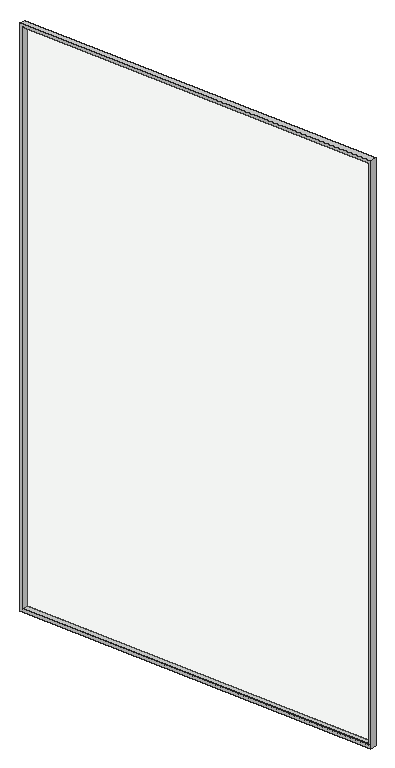
Revit family "Panel_Framed", category Curtain Panels, Revit 2024
Family settings
  OmniClass Number = 23.25.20.14.11.11.17
  OmniClass Title = Infill Panels
  Always vertical = Yes
  Cut with Voids When Loaded = No
  Shared = No
Parameters (values of type "Default")
  Width [instance] = 1600 mm
  Panel Thickness = 20 mm
  Offset = 0 mm
  Material Panel = _Default - Glass - Exterior Transparent
  Material Frame = _Default
  Height [instance] = 2400 mm
  Frame Thickness = 12 mm
  Frame Depth = 25 mm
  EA_Repath [instance] = 0 mm
  Define Thermal Properties by = Schematic Type
  Analytic Construction = "<None>"
Reference planes
  plane 1 "Front": y = 0
  plane 2: z = 0
  plane 3 "Center (Left/Right)": x = 0
  plane 4 "Left": x = -800
  plane 5 "Right": x = 800
  plane 6 "Top": z = 2400
  plane 7: y = 0
Text (mm)
  text "Exterior" at (-1379.057, 797.241, 0), in view "Ref. Level"
  text "Exterior" at (12192, 1055.114, 2275.943), in view "Right"
  text "Exterior" at (-6096, 1468.734, 2687.031), in view "Left"
Dimensions and locks
  equal spacing: plane 4 "Left", plane 3 "Center (Left/Right)", plane 5 "Right"
  "Height": plane 2 to plane 6 "Top"
  "Width": plane 4 "Left" to plane 5 "Right"
  "Offset": plane 7 to plane 1 "Front"
  aligned and locked: level to plane 2
  aligned and locked: plane 3 "Center (Left/Right)" to nested 1
  aligned and locked: nested 1 to plane 2
  aligned and locked: plane 7 to nested 1
Nested families
  nested 1: "CW Panel Assembled with Frame" at (0, 0, 0), Overall Width <- "Width", Overall Height <- "Height", type "Default"
    with Panel Width 1576 mm, Panel Height 2376 mm, Overall Width 1600 mm, Overall Height 2400 mm, Frame Thickness 12 mm, Panel Thickness 20 mm, Frame Depth 25 mm
Definition of nested family "CW Panel Assembled with Frame"
  Parameters
    Panel Width [instance] = Overall Width - (2 * Frame Thickness)  # 584.2 mm
    Panel Material = none
    Panel Height [instance] = Overall Height - (2 * Frame Thickness)  # 584.2 mm
    Overall Width [instance] = 609.6 mm
    Frame Material = none
    Overall Height [instance] = 609.6 mm
    Frame Thickness = 12.7 mm
    Panel Thickness = 19.05 mm
    Frame Depth = 25.4 mm
    Default Elevation = 0 mm
  Reference planes
    plane 1 "Center (Front/Back)": y = 0
    plane 2: z = 0
    plane 3 "Center (Left/Right)": x = 0
    plane 4: z = 609.6
    plane 5: x = -304.8
    plane 6: x = 304.8
    plane 7: x = -292.1
    plane 8: z = 596.9
    plane 9: x = 292.1
    plane 10: y = 9.525
    plane 11: y = -9.525
    plane 12: z = 12.7
  Dimensions and locks
    equal spacing: plane 5, plane 3 "Center (Left/Right)", plane 6
    "Frame Thickness": plane 7 to plane 5
    "Frame Thickness": plane 6 to plane 9
    "Frame Thickness": plane 4 to plane 8
    equal spacing: plane 11, plane 1 "Center (Front/Back)", plane 10
    "Panel Thickness": plane 11 to plane 10
    "Frame Thickness": plane 12 to level
    "Panel Width": plane 7 to plane 9
    "Panel Height": plane 8 to plane 12
    aligned and locked: plane 2 to level
    aligned and locked: nested 1 to level
    aligned and locked: plane 3 "Center (Left/Right)" to nested 1
    aligned and locked: level to nested 2
    aligned and locked: nested 2 to nested 1
  Nested families
    nested 1: "CW Frame" at (0, 0, 0), Width <- "Overall Width", Height <- "Overall Height", Material <- "Frame Material", type "Default"
      with Width 609.6 mm, Material none, Height 609.6 mm, Frame Depth 25.4 mm
    nested 2: "CW Panel" at (0, 0, 0), Overall Width <- "Overall Width", Overall Height <- "Overall Height", Material <- "Panel Material", type "Default"
      with Panel Width 584.2 mm, Panel Height 584.2 mm, Overall Width 609.6 mm, Overall Height 609.6 mm, Material none, Frame Thickness 12.7 mm
  Definition of nested family "CW Frame"
    Parameters
      Width [instance] = 609.6 mm
      Material [instance] = none
      Height [instance] = 609.6 mm
      Frame Thickness = 12.7 mm
      Frame Depth = 50.8 mm
      Default Elevation = 1219.2 mm
    Reference planes
      plane 1 "Center (Front/Back)": y = 0
      plane 2: z = 0
      plane 3 "Center (Left/Right)": x = 0
      plane 4: z = 609.6
      plane 5: x = -304.8
      plane 6: x = 304.8
      plane 7: x = -292.1
      plane 8: z = 596.9
      plane 9: x = 292.1
      plane 10: y = 25.4
      plane 11: y = -25.4
      plane 12: z = 12.7
    Forms (mm)
      Sweep 1, solid, material <- "Material"
        path origin (0, 0, 0) x (1, 0, 0) y (0, 0, 1)
          loop
            line (-304.8, 0) -> (304.8, 0) -> (304.8, 609.6) -> (-304.8, 609.6) -> (-304.8, 0)
        profile origin (-304.8, 0, 304.8) x (-1, 0, 0) y (0, -1, 0)
          loop
            line (0, 25.4) -> (-12.7, 25.4) -> (-12.7, -25.4) -> (0, -25.4) -> (0, 25.4)
    Dimensions and locks
      equal spacing: plane 5, plane 3 "Center (Left/Right)", plane 6
      "Width": plane 6 to plane 5
      "Height": plane 4 to level
      "Frame Thickness": plane 7 to plane 5
      "Frame Thickness": plane 6 to plane 9
      "Frame Thickness": plane 4 to plane 8
      equal spacing: plane 11, plane 1 "Center (Front/Back)", plane 10
      "Frame Depth": plane 11 to plane 10
      "Frame Thickness": plane 12 to level
      aligned and locked: plane 2 to level
      aligned and locked: Sweep 1 sketch curve to plane 10
      aligned and locked: Sweep 1 sketch curve to plane 11
      aligned and locked: Sweep 1 sketch curve to plane 7
    Automatic sketch dimensions
      Sweep 1 sketch curve to plane 4 = 0 mm
      Sweep 1 sketch curve to plane 5 = 0 mm
      plane 6 to Sweep 1 sketch curve = 0 mm
      Sweep 1 sketch curve to level = 0 mm
      Sweep 1 sketch curve to profile plane = 0 mm
  Definition of nested family "CW Panel"
    Parameters
      Panel Width [instance] = Overall Width - (2 * Frame Thickness)  # 508 mm
      Panel Height [instance] = Overall Height - (2 * Frame Thickness)  # 508 mm
      Overall Width [instance] = 609.6 mm
      Material [instance] = none
      Overall Height [instance] = 609.6 mm
      Frame Thickness = 50.8 mm
      Panel Thickness = 19.05 mm
      Default Elevation = 1219.2 mm
    Reference planes
      plane 1 "Center (Front/Back)": y = 0
      plane 2: z = 0
      plane 3 "Center (Left/Right)": x = 0
      plane 4: z = 609.6
      plane 5: x = -304.8
      plane 6: x = 304.8
      plane 7: x = -254
      plane 8: z = 558.8
      plane 9: x = 254
      plane 10: y = 9.525
      plane 11: y = -9.525
      plane 12: z = 50.8
    Forms (mm)
      Extrusion 1, solid, material <- "Material"
        sketch origin (0, 0, 0) x (1, 0, 0) y (0, 0, 1)
          loop
            line (-254, 558.8) -> (-254, 50.8) -> (254, 50.8) -> (254, 558.8) -> (-254, 558.8)
        from -9.525 to 9.525
    Dimensions and locks
      equal spacing: plane 5, plane 3 "Center (Left/Right)", plane 6
      "Frame Thickness": plane 7 to plane 5
      "Frame Thickness": plane 6 to plane 9
      "Frame Thickness": plane 4 to plane 8
      equal spacing: plane 11, plane 1 "Center (Front/Back)", plane 10
      "Panel Thickness": plane 11 to plane 10
      "Frame Thickness": plane 12 to level
      "Panel Width": plane 7 to plane 9
      "Panel Height": plane 8 to plane 12
      aligned and locked: plane 2 to level
      aligned and locked: Extrusion 1 to plane 10
      aligned and locked: Extrusion 1 to plane 11
      aligned and locked: plane 7 to Extrusion 1
      aligned and locked: plane 8 to Extrusion 1
      aligned and locked: plane 9 to Extrusion 1
      aligned and locked: plane 12 to Extrusion 1
    Automatic sketch dimensions
      level to Extrusion 1 sketch curve = 50.8 mm
      plane 5 to Extrusion 1 sketch curve = 50.8 mm
      plane 6 to Extrusion 1 sketch curve = 50.8 mm
      Extrusion 1 sketch curve to plane 4 = 50.8 mm
